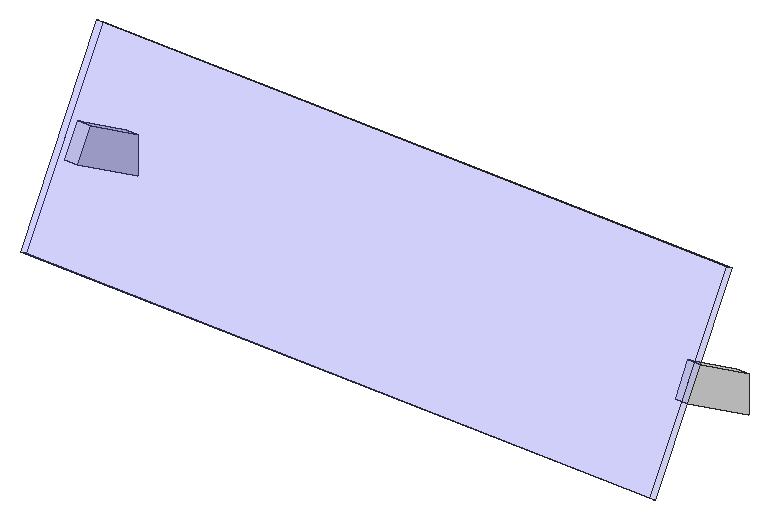
Revit family
Parameters
  Width = 985 mm
  Height = 300 mm
  프레임 = 루버 프레임
  유리 = 루버 유리
Reference planes
  plane 1 "중심(앞/뒤)": y = 0
  plane 2: z = 0
  plane 3 "중심(왼쪽/오른쪽)": x = -2.5
  plane 4: y = 150
  plane 5: x = -495
  plane 6: x = 490
  plane 7: x = 490
  plane 8: x = 470
  plane 9: x = -485
  plane 10: x = -465
  plane 11: through (0, -118.036, 137.404) normal (0, -0.5, -0.866)
Forms (mm)
  Extrusion 1, solid, material "루버 유리" <- "유리"
    sketch origin (490, 1296.25, 1200) x (0, 1, 0) y (0, 0, 1)
      loop
        line (-1339.287, -932.692) -> (-1489.287, -1192.5) -> (-1476.297, -1200) -> (-1326.297, -940.192) -> (-1339.287, -932.692)
    from 0 to -985
  Extrusion 2, solid, material "루버 프레임" <- "프레임"
    sketch origin (1445, 1296.25, 1200) x (0, 1, 0) y (0, 0, 1)
      loop
        line (-1296.25, -1101.877) -> (-1388.797, -1048.446) -> (-1413.797, -1091.747) -> (-1296.25, -1159.612) -> (-1296.25, -1101.877)
    from -955 to -975
  Extrusion 3, solid, material "루버 프레임" <- "프레임"
    sketch origin (565, 1296.25, 1200) x (0, 1, 0) y (0, 0, 1)
      loop
        line (-1296.25, -1101.877) -> (-1388.797, -1048.446) -> (-1413.797, -1091.747) -> (-1296.25, -1159.612) -> (-1296.25, -1101.877)
    from -1030 to -1050
Dimensions and locks
  "Width": plane 5 to plane 6
  plane 8 to plane 7 to plane 6 = 20 mm locked, 0 mm locked
  plane 5 to plane 9 to plane 10 = 10 mm locked, 20 mm locked
  equal spacing: plane 5, plane 3 "중심(왼쪽/오른쪽)", plane 7
  equal spacing: Extrusion 1 sketch curve, plane 11, Extrusion 1 sketch curve
  "Height": Extrusion 1 sketch curve to Extrusion 1 sketch curve
  locked: Extrusion 1 sketch curve to Extrusion 1 sketch curve at 15
  aligned and locked: Extrusion 1 to plane 5
  aligned and locked: Extrusion 2 to plane 8
  aligned and locked: plane 7 to Extrusion 2
  aligned and locked: Extrusion 3 to plane 9
  aligned and locked: plane 10 to Extrusion 3
  aligned and locked: Extrusion 1 sketch curve to Extrusion 3
Automatic sketch dimensions
  Extrusion 2 sketch curve to plane 1 "중심(앞/뒤)" = 0 mm
  plane 1 "중심(앞/뒤)" to Extrusion 2 sketch curve = 92.546 mm
  Extrusion 2 sketch curve to Extrusion 2 sketch curve = 25 mm
  level to Extrusion 2 sketch curve = 40.388 mm
  Extrusion 2 sketch curve to Extrusion 2 sketch curve = 57.735 mm
  Extrusion 3 sketch curve to plane 1 "중심(앞/뒤)" = 0 mm
  plane 1 "중심(앞/뒤)" to Extrusion 3 sketch curve = 92.546 mm
  Extrusion 3 sketch curve to Extrusion 3 sketch curve = 25 mm
  level to Extrusion 3 sketch curve = 40.388 mm
  Extrusion 3 sketch curve to Extrusion 3 sketch curve = 57.735 mm
